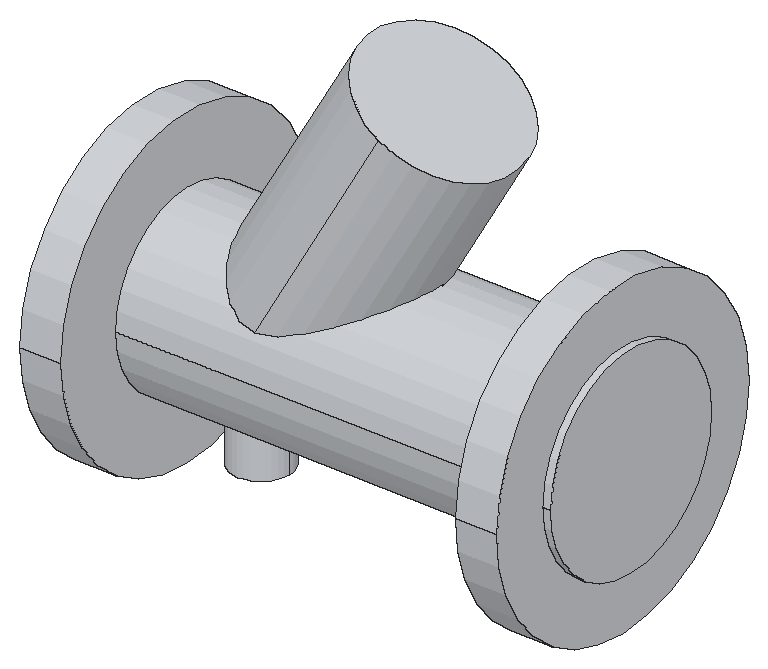
Revit family "HS 821-síto_jemné-PN16-DN065-RFA_2018", category Pipe Accessories, Revit 2018
Family settings
  Round Connector Dimension = Use Diameter
  Part Type = Breaks Into
  Work Plane-Based = No
  Always vertical = Yes
  Cut with Voids When Loaded = No
  Shared = No
Parameters (values of type "821A-DN065-PN16-síto_jemné")
  magiProductId = "235b1b3e4c0843779a4d5e3716d40a"
  magiProductFamilyId = "79214ac3aaa945e397802f559f5c1e"
  magiPartTypeId = 307
  isMeasuringValve [instance] = no
  ang2D [instance] = 0.00°
  ZB__ve = -ZB  # -29.75 mm
  ZB1 = 47.79 mm
  ZB = 29.75 mm
  X2 = 86.927 mm
  X1 = 40.6 mm
  W2D = 15 mm
  VersionID = "2.0/2017.9.26.1/ZETKAMA_821_001"
  Use Minimum Symbol Size [instance] = yes
  URL = "www.hydronix.cz"
  Type Comments = "Filtr přírubový; síto jemné; A-PN16 (-10~300°C); D-PN25 (-10~350°C); F-PN40 (-10~400°C)"
  S = 118 mm
  QmdConnectorList = "301;D;302;D"
  Productdata [instance] = ""
  Manufacturer = "Hydronix"
  MC Product Code = "210 165 (821A; DN065; PN16; kvs95,1; oko síta 0,63mm)"
  LM1 = 23.2 mm
  LM = 232 mm
  L4 = 72.5 mm
  L2D_Min = 3048 mm
  L2D = 130 mm
  L2 = 145 mm
  HH2 = 150.562 mm
  FD = 185 mm
  Description = "Filtr přírubový; síto jemné; 821A-PN16; 821D-PN25; 821F-PN40"
  DM1 = 94.2 mm
  DM = 106.2 mm
  D = 65 mm
  CC = 4.93 mm
  CAT0 = yes
  C1 = 24.07 mm
  C = 29 mm
  BD = 33.453 mm
Types (40, lengths in mm): name | magiProductId | ZB__ve | ZB1 | ZB | X2 | X1 | S | MC Product Code | LM1 | LM | L4 | L2 | HH2 | FD | DM1 | DM | D | CC | C1 | C | BD
  821A-DN015-PN16-síto_jemné | "a71bcfe8b393460598b23e8ddf7dc5" | -16.25 | 18.63 | 16.25 | 46.982 | 18.2 | 46 | "210 115 (821A; DN015; PN16; kvs6,2; oko síta 0,63mm)" | 10.4 | 104 | 32.5 | 65 | 81.375 | 95 | 27.6 | 41.4 | 15 | 2.21 | 10.79 | 13 | 13.041
  821A-DN020-PN16-síto_jemné | "41cd6c7a12924f4991217528336076" | -17.75 | 22.68 | 17.75 | 51.673 | 21 | 56 | "210 120 (821A; DN020; PN16; kvs9,6; oko síta 0,63mm)" | 12 | 120 | 37.5 | 75 | 89.5 | 105 | 33.6 | 50.4 | 20 | 2.55 | 12.45 | 15 | 15.876
  821A-DN025-PN16-síto_jemné | "be378b463ed14c3abf4c9b3ae8cf3a" | -19.25 | 26.325 | 19.25 | 58.601 | 22.4 | 65 | "210 125 (821A; DN025; PN16; kvs14,2; oko síta 0,63mm)" | 12.8 | 128 | 40 | 80 | 101.5 | 115 | 43.2 | 58.5 | 25 | 2.72 | 13.28 | 16 | 18.427
  821A-DN032-PN16-síto_jemné | "227a0d18b21540afabe8b6067d35fa" | -23 | 30.78 | 23 | 68.849 | 25.2 | 76 | "210 132 (821A; DN032; PN16; kvs23,1; oko síta 0,63mm)" | 14.4 | 144 | 45 | 90 | 119.25 | 140 | 50.4 | 68.4 | 32 | 3.06 | 14.94 | 18 | 21.546
  821A-DN040-PN16-síto_jemné | "d106917c74724141a10440112d0102" | -24.5 | 34.02 | 24.5 | 75.777 | 28 | 84 | "210 140 (821A; DN040; PN16; kvs36,6; oko síta 0,63mm)" | 16 | 160 | 50 | 100 | 131.25 | 150 | 60 | 75.6 | 40 | 3.4 | 16.6 | 20 | 23.814
  821A-DN050-PN16-síto_jemné | "8255d456a09e4f6486734f5dd9171b" | -26.75 | 40.095 | 26.75 | 79.061 | 32.2 | 99 | "210 150 (821A; DN050 PN16; kvs53,7; oko síta 0,63mm)" | 18.4 | 184 | 57.5 | 115 | 136.938 | 165 | 73.8 | 89.1 | 50 | 3.91 | 19.09 | 23 | 28.066
  821A-DN065-PN16-síto_jemné | "235b1b3e4c0843779a4d5e3716d40a" | -29.75 | 47.79 | 29.75 | 86.927 | 40.6 | 118 | "210 165 (821A; DN065; PN16; kvs95,1; oko síta 0,63mm)" | 23.2 | 232 | 72.5 | 145 | 150.562 | 185 | 94.2 | 106.2 | 65 | 4.93 | 24.07 | 29 | 33.453
  821A-DN080-PN16-síto_jemné | "a067f7c5236348ed8c820d16df7214" | -32 | 53.46 | 32 | 104.753 | 43.4 | 132 | "210 180 (821A; DN080; PN16; kvs137,1; oko síta 0,63mm)" | 24.8 | 248 | 77.5 | 155 | 181.438 | 200 | 107.4 | 118.8 | 80 | 5.27 | 25.73 | 31 | 37.422
  821A-DN100-PN16-síto_jemné | "c49a648c2747461285837d643703cd" | -35 | 63.18 | 35 | 114.857 | 49 | 156 | "210 190 (821A; DN100; PN16; kvs206,4; oko síta 0,63mm)" | 28 | 280 | 87.5 | 175 | 198.937 | 220 | 131.4 | 140.4 | 100 | 5.95 | 29.05 | 35 | 44.226
  821A-DN125-PN16-síto_jemné | "bf68e728a163493cbd2a663b26ebdc" | -39.5 | 74.52 | 39.5 | 131.888 | 56 | 184 | "210 191 (821A; DN125; PN16; kvs268,8; oko síta 0,63mm)" | 32 | 320 | 100 | 200 | 228.438 | 250 | 165 | 165.6 | 125 | 6.8 | 33.2 | 40 | 52.164
  821A-DN150-PN16-síto_jemné | "2de770284b654863ae6bc865769dc5" | -44.75 | 85.455 | 44.75 | 155.885 | 67.2 | 211 | "210 192 (821A; DN150; PN16; kvs401,4; oko síta 0,63mm)" | 38.4 | 384 | 120 | 240 | 270 | 285 | 192 | 189.9 | 150 | 8.16 | 39.84 | 48 | 59.818
  821A-DN200-PN16-síto_jemné | "8e5693371ab64aabb29a7f08c76e15" | -53 | 107.73 | 53 | 188.361 | 84 | 266 | "210 193 (821A; DN200; PN16; kvs706,7; oko síta 0,63mm)" | 48 | 480 | 150 | 300 | 326.25 | 340 | 252 | 239.4 | 200 | 10.2 | 49.8 | 60 | 75.411
  821A-DN250-PN16-síto_jemné | "05e37ed948c34047acdd4c42556504" | -62.75 | 129.195 | 62.75 | 255.911 | 102.2 | 319 | "210 194 (821A; DN250; PN16; kvs1229,4; oko síta 0,63mm)" | 58.4 | 584 | 182.5 | 365 | 443.25 | 405 | 309.6 | 287.1 | 250 | 12.41 | 60.59 | 73 | 90.436
  821A-DN300-PN16-síto_jemné | "9ad0af747269428da925480d83ce80" | -71 | 149.85 | 71 | 325.914 | 119 | 370 | "210 195 (821A; DN300; PN16; kvs1902,4; oko síta 0,63mm)" | 68 | 680 | 212.5 | 425 | 564.5 | 460 | 369.6 | 333 | 300 | 14.45 | 70.55 | 85 | 104.895
  821A-DN350-PN16-síto_jemné | "eebc71459bb3451bb4355e7951370a" | -80 | 173.745 | 80 | 356.875 | 137.2 | 429 | "200 196 (821A; DN350; PN16; kvs2611,0; oko síta 0,63mm)" | 78.4 | 784 | 245 | 490 | 618.125 | 520 | 438 | 386.1 | 350 | 16.66 | 81.34 | 98 | 121.621
  821A-DN400-PN16-síto_jemné | "d2f677cb196647e385b2590e7d8abe" | -89 | 194.4 | 89 | 392.237 | 154 | 480 | "210 197 (821A; DN400; PN16; kvs3438,4; oko síta 0,63mm)" | 88 | 880 | 275 | 550 | 679.375 | 580 | 498 | 432 | 400 | 18.7 | 91.3 | 110 | 136.08
  821D-DN015-PN25-síto_jemné | "27ddcbf555414f8ca1fde329bf9087" | -16.25 | 18.63 | 16.25 | 46.982 | 18.2 | 46 | "210 215 (821D; DN015; PN25; kvs6,2; oko síta 0,63mm)" | 10.4 | 104 | 32.5 | 65 | 81.375 | 95 | 27.6 | 41.4 | 15 | 2.21 | 10.79 | 13 | 13.041
  821D-DN020-PN25-síto_jemné | "270e0f14012f47189cd0235c18faee" | -17.75 | 22.68 | 17.75 | 51.673 | 21 | 56 | "210 220 (821D; DN020; PN25; kvs9,6; oko síta 0,63mm)" | 12 | 120 | 37.5 | 75 | 89.5 | 105 | 33.6 | 50.4 | 20 | 2.55 | 12.45 | 15 | 15.876
  821D-DN025-PN25-síto_jemné | "b9a7fb4aa36643878c637d8e1ab992" | -19.25 | 26.325 | 19.25 | 58.601 | 22.4 | 65 | "210 225 (821D; DN025; PN25; kvs14,2; oko síta 0,63mm)" | 12.8 | 128 | 40 | 80 | 101.5 | 115 | 43.2 | 58.5 | 25 | 2.72 | 13.28 | 16 | 18.427
  821D-DN032-PN25-síto_jemné | "6be9a55c4e68400f94eec7e804204c" | -23 | 30.78 | 23 | 68.849 | 25.2 | 76 | "210 232 (821D; DN032; PN25; kvs23,1; oko síta 0,63mm)" | 14.4 | 144 | 45 | 90 | 119.25 | 140 | 50.4 | 68.4 | 32 | 3.06 | 14.94 | 18 | 21.546
  821D-DN040-PN25-síto_jemné | "c54511bd7f584ec2984291479612cb" | -24.5 | 34.02 | 24.5 | 75.777 | 28 | 84 | "210 240 (821D; DN040; PN25; kvs36,6; oko síta 0,63mm)" | 16 | 160 | 50 | 100 | 131.25 | 150 | 60 | 75.6 | 40 | 3.4 | 16.6 | 20 | 23.814
  821D-DN050-PN25-síto_jemné | "5483b1f596b04cd39b23a14a22c90e" | -26.75 | 40.095 | 26.75 | 79.061 | 32.2 | 99 | "210 250 (821D; DN050; PN25; kvs53,7; oko síta 0,63mm)" | 18.4 | 184 | 57.5 | 115 | 136.938 | 165 | 73.8 | 89.1 | 50 | 3.91 | 19.09 | 23 | 28.066
  821D-DN065-PN25-síto_jemné | "767b0f8318e94750bc7a9930ed5b30" | -29.75 | 47.79 | 29.75 | 86.927 | 40.6 | 118 | "210 265 (821D; DN065; PN25; kvs95,1; oko síta 0,63mm)" | 23.2 | 232 | 72.5 | 145 | 150.562 | 185 | 94.2 | 106.2 | 65 | 4.93 | 24.07 | 29 | 33.453
  821D-DN080-PN25-síto_jemné | "e21040fa3cc2404b858198f6b73709" | -32 | 53.46 | 32 | 104.753 | 43.4 | 132 | "210 280 (821D; DN080; PN25; kvs137,1; oko síta 0,63mm)" | 24.8 | 248 | 77.5 | 155 | 181.438 | 200 | 107.4 | 118.8 | 80 | 5.27 | 25.73 | 31 | 37.422
  821D-DN100-PN25-síto_jemné | "175ca87a506b40b3bc6b82f12f33cf" | -37.25 | 63.18 | 37.25 | 114.857 | 49 | 156 | "210 290 (821D; DN100; PN25; kvs206,4; oko síta 0,63mm)" | 28 | 280 | 87.5 | 175 | 198.937 | 235 | 131.4 | 140.4 | 100 | 5.95 | 29.05 | 35 | 44.226
  821D-DN125-PN25-síto_jemné | "77cc98d60da24855999a22dff726b2" | -42.5 | 74.52 | 42.5 | 131.888 | 56 | 184 | "210 291 (821D; DN125; PN25; kvs268,8; oko síta 0,63mm)" | 32 | 320 | 100 | 200 | 228.438 | 270 | 165 | 165.6 | 125 | 6.8 | 33.2 | 40 | 52.164
  821D-DN150-PN25-síto_jemné | "9cf8acfcd15547d68e83172d3abcbe" | -47 | 85.455 | 47 | 155.885 | 67.2 | 211 | "210 292 (821D; DN150; PN25; kvs401,4; oko síta 0,63mm)" | 38.4 | 384 | 120 | 240 | 270 | 300 | 192 | 189.9 | 150 | 8.16 | 39.84 | 48 | 59.818
  821D-DN200-PN25-síto_jemné | "16973f3c9ea14389ba8602495a6b64" | -56 | 110.97 | 56 | 188.361 | 84 | 274 | "210 293 (821D; DN200; PN25; kvs706,7; oko síta 0,63mm)" | 48 | 480 | 150 | 300 | 326.25 | 360 | 252 | 246.6 | 200 | 10.2 | 49.8 | 60 | 77.679
  821F-DN015-PN40-síto_jemné | "4c7eaf3c4c0340888b3e684d8a8616" | -16.25 | 18.225 | 16.25 | 46.982 | 18.2 | 45 | "250 615 (821F; DN015; PN40; kvs6,2; oko síta 0,63mm)" | 10.4 | 104 | 32.5 | 65 | 81.375 | 95 | 27.6 | 40.5 | 15 | 2.21 | 10.79 | 13 | 12.757
  821F-DN020-PN40-síto_jemné | "aaac5f1ec96b44d6ba96ac2293d66d" | -17.75 | 23.49 | 17.75 | 51.673 | 21 | 58 | "250 620 (821F; DN020; PN40; kvs9,6; oko síta 0,63mm)" | 12 | 120 | 37.5 | 75 | 89.5 | 105 | 33.6 | 52.2 | 20 | 2.55 | 12.45 | 15 | 16.443
  821F-DN025-PN40-síto_jemné | "504768023968471481789485b54c7e" | -19.25 | 27.54 | 19.25 | 58.601 | 22.4 | 68 | "250 625 (821F; DN025; PN40; kvs14,2; oko síta 0,63mm)" | 12.8 | 128 | 40 | 80 | 101.5 | 115 | 43.2 | 61.2 | 25 | 2.72 | 13.28 | 16 | 19.278
  821F-DN032-PN40-síto_jemné | "165e7f39cf744f329bdf1c400dad12" | -23 | 31.59 | 23 | 68.849 | 25.2 | 78 | "250 632 (821F; DN032; PN40; kvs23,1; oko síta 0,63mm)" | 14.4 | 144 | 45 | 90 | 119.25 | 140 | 50.4 | 70.2 | 32 | 3.06 | 14.94 | 18 | 22.113
  821F-DN040-PN40-síto_jemné | "b8903f952089408fbf3a5a632bab1f" | -24.5 | 35.64 | 24.5 | 75.777 | 28 | 88 | "250 640 (821F; DN040; PN40; kvs36,6; oko síta 0,63mm)" | 16 | 160 | 50 | 100 | 131.25 | 150 | 60 | 79.2 | 40 | 3.4 | 16.6 | 20 | 24.948
  821F-DN050-PN40-síto_jemné | "c451f97266fe48da8f879cb6a2bd44" | -26.75 | 41.31 | 26.75 | 79.061 | 32.2 | 102 | "250 650 (821F; DN050; PN40; kvs53,7; oko síta 0,63mm)" | 18.4 | 184 | 57.5 | 115 | 136.938 | 165 | 73.8 | 91.8 | 50 | 3.91 | 19.09 | 23 | 28.917
  821F-DN065-PN40-síto_jemné | "dc9821e3f9b34e128f6a8c6b34c198" | -29.75 | 49.41 | 29.75 | 86.927 | 40.6 | 122 | "250 665 (821F; DN065; PN40; kvs95,1; oko síta 0,63mm)" | 23.2 | 232 | 72.5 | 145 | 150.562 | 185 | 94.2 | 109.8 | 65 | 4.93 | 24.07 | 29 | 34.587
  821F-DN080-PN40-síto_jemné | "689aa1e260f84cf4994f027a1d86b5" | -32 | 55.89 | 32 | 104.753 | 43.4 | 138 | "250 680 (821F; DN080; PN40; kvs137,1; oko síta 0,63mm)" | 24.8 | 248 | 77.5 | 155 | 181.438 | 200 | 107.4 | 124.2 | 80 | 5.27 | 25.73 | 31 | 39.123
  821F-DN100-PN40-síto_jemné | "8a45d4e8e2ab425f8c432f21d684f3" | -37.25 | 65.61 | 37.25 | 114.857 | 49 | 162 | "250 690 (821F; DN100; PN40; kvs206,4; oko síta 0,63mm)" | 28 | 280 | 87.5 | 175 | 198.937 | 235 | 131.4 | 145.8 | 100 | 5.95 | 29.05 | 35 | 45.927
  821F-DN125-PN40-síto_jemné | "cf073904c006406b8645afa67ea2fc" | -42.5 | 76.14 | 42.5 | 131.888 | 56 | 188 | "250 691 (821F; DN125; PN40; kvs268,8; oko síta 0,63mm)" | 32 | 320 | 100 | 200 | 228.438 | 270 | 165 | 169.2 | 125 | 6.8 | 33.2 | 40 | 53.298
  821F-DN150-PN40-síto_jemné | "0153b9ddabe14992a630484929fdbc" | -47 | 88.29 | 47 | 155.885 | 67.2 | 218 | "250 692 (821F; DN150; PN40; kvs401,4; oko síta 0,63mm)" | 38.4 | 384 | 120 | 240 | 270 | 300 | 192 | 196.2 | 150 | 8.16 | 39.84 | 48 | 61.803
  821F-DN200-PN40-síto_jemné | "7fb3fc01dd8d42428c203e3f8dd4d5" | -56 | 115.425 | 56 | 188.361 | 84 | 285 | "250 693 (821F; DN200; PN40; kvs706,7; oko síta 0,63mm)" | 48 | 480 | 150 | 300 | 326.25 | 360 | 252 | 256.5 | 200 | 10.2 | 49.8 | 60 | 80.797
Reference planes
  plane 1 "Center (Front/Back)": y = 0
  plane 2 "XYPLANE": z = 0
  plane 3 "Center (Left/Right)": x = 0
  plane 4 "109": x = -92.8
  plane 5 "108": x = 116
  plane 6 "107": x = -116
  plane 7 "105": x = 145
  plane 8 "104": x = -145
  plane 9 "103": y = 0
  plane 10 "102": z = 0
  plane 11 "101": x = -140.07
  plane 12 "100": x = 140.07
  plane 13 "11": x = -52.2
  plane 14 "10": z = 150.562
  plane 15 "9": x = 34.727
  plane 16 "5": z = -47.79
  plane 17 "4": x = -72.5
  plane 18 "1": x = 72.5
Forms (mm)
  Extrusion 1, solid, visible <- "CAT0"
    sketch origin (-116, -750, 0) x (0, 1, 0) y (0, 0, 1)
      loop
        circle (750, 0) r 53.1
    from 0 to 232 <- "LM"
  Extrusion 2, solid
    sketch origin (-145, -750, 0) x (0, 1, 0) y (0, 0, 1)
      loop
        circle (750, 0) r 59
    from 0 to 4.93 <- "CC"
  Extrusion 3, solid
    sketch origin (-140.07, -750, 0) x (0, 1, 0) y (0, 0, 1)
      loop
        circle (750, 0) r 92.5
    from 0 to 24.07 <- "C1"
  Extrusion 4, solid
    sketch origin (116, -750, 0) x (0, 1, 0) y (0, 0, 1)
      loop
        circle (750, 0) r 92.5
    from 0 to 24.07 <- "C1"
  Extrusion 5, solid
    sketch origin (140.07, -750, 0) x (0, 1, 0) y (0, 0, 1)
      loop
        circle (750, 0) r 59
    from 0 to 4.93 <- "CC"
  Sweep 6, solid, visible <- "CAT0"
    path origin (750, 0, 0) x (-1, 0, 0) y (0, 0, 1)
      loop
        line (866, 0) -> (802.2, 0) -> (715.273, 150.562)
    profile origin (-116, 0, 0) x (0, 0, -1) y (0, 1, 0)
      loop
        circle (0, 0) r 47.1
  Extrusion 7, solid, visible <- "CAT0"
    sketch origin (-750, 0, -47.79) x (1, 0, 0) y (0, 1, 0)
      loop
        circle (677.5, 0) r 16.726
    from 0 to -29.75 <- "ZB__ve"
  Extrusion 8, solid, visible <- "CAT0"
    sketch origin (-750, 0, -47.79) x (1, 0, 0) y (0, 1, 0)
      loop
        circle (822.5, 0) r 16.726
    from 0 to -29.75 <- "ZB__ve"
  Extrusion 9, solid, not visible
    sketch origin (145, -750, 0) x (0, 1, 0) y (0, 0, 1)
      loop
        circle (750, 0) r 10
    from 0 to -10
  Extrusion 10, solid, not visible
    sketch origin (-145, -750, 0) x (0, 1, 0) y (0, 0, 1)
      loop
        circle (750, 0) r 10
    from 0 to 10
Lines and regions (mm)
  reference lines, not visible
    curve 1: circle (2, 2, 0) r 1 normal (0, 0, 1)
Dimensions and locks
  plane 1 "Center (Front/Back)" to curve 1 = 2 mm
  "LM1": plane 6 "107" to plane 4 "109"
  "LM": plane 6 "107" to plane 5 "108"
  "C": plane 8 "104" to plane 6 "107"
  "L2": plane 3 "Center (Left/Right)" to plane 7 "105"
  "L2": plane 3 "Center (Left/Right)" to plane 8 "104"
  locked: plane 1 "Center (Front/Back)" to plane 9 "103"
  locked: plane 2 "XYPLANE" to plane 10 "102"
  "CC": plane 8 "104" to plane 11 "101"
  "C1": plane 5 "108" to plane 12 "100"
  "X1": plane 4 "109" to plane 13 "11"
  "HH2": plane 2 "XYPLANE" to plane 14 "10"
  "X2": plane 13 "11" to plane 15 "9"
  "ZB1": plane 2 "XYPLANE" to plane 16 "5"
  "L4": plane 8 "104" to plane 17 "4"
  "L2": plane 17 "4" to plane 18 "1"
  Sweep 6 sketch curve to Sweep 6 sketch curve = 0 mm  (x2)
  "DM": diameter of Extrusion 1 sketch curve
  "S": diameter of Extrusion 2 sketch curve
  "FD": diameter of Extrusion 3 sketch curve
  "FD": diameter of Extrusion 4 sketch curve
  "S": diameter of Extrusion 5 sketch curve
  "DM1": diameter of Sweep 6 sketch curve
  "BD": diameter of Extrusion 7 sketch curve
  "BD": diameter of Extrusion 8 sketch curve
  aligned and locked: level to plane 2 "XYPLANE"
  aligned and locked: Extrusion 1 sketch curve to plane 9 "103"
  aligned and locked: plane 10 "102" to Extrusion 1 sketch curve
  aligned and locked: Extrusion 2 sketch curve to plane 9 "103"
  aligned and locked: plane 10 "102" to Extrusion 2 sketch curve
  aligned and locked: Extrusion 3 sketch curve to plane 9 "103"
  aligned and locked: plane 10 "102" to Extrusion 3 sketch curve
  aligned and locked: Extrusion 4 sketch curve to plane 9 "103"
  aligned and locked: plane 10 "102" to Extrusion 4 sketch curve
  aligned and locked: Extrusion 5 sketch curve to plane 9 "103"
  aligned and locked: plane 10 "102" to Extrusion 5 sketch curve
  aligned and locked: Sweep 6 sketch curve to plane 9 "103"
  aligned and locked: plane 10 "102" to Sweep 6 sketch curve  (x3)
  aligned and locked: plane 6 "107" to Sweep 6 sketch curve
  aligned and locked: plane 13 "11" to Sweep 6 sketch curve
  aligned and locked: plane 14 "10" to Sweep 6 sketch curve
  aligned and locked: plane 15 "9" to Sweep 6 sketch curve
  aligned and locked: plane 9 "103" to Extrusion 7 sketch curve
  aligned and locked: plane 17 "4" to Extrusion 7 sketch curve
  aligned and locked: plane 9 "103" to Extrusion 8 sketch curve
  aligned and locked: plane 18 "1" to Extrusion 8 sketch curve
  aligned and locked: Extrusion 9 sketch curve to plane 9 "103"
  aligned and locked: plane 10 "102" to Extrusion 9 sketch curve
  aligned and locked: Extrusion 10 sketch curve to plane 9 "103"
  aligned and locked: plane 10 "102" to Extrusion 10 sketch curve
Automatic sketch dimensions
  plane 1 "Center (Front/Back)" to Extrusion 9 sketch curve = 10 mm
  plane 1 "Center (Front/Back)" to Extrusion 10 sketch curve = 10 mm
  plane 3 "Center (Left/Right)" to curve 1 = 2 mm
  radius of curve 1 = 1 mm
Connectors
  piping at (-145, 0, 0), diameter 65, driven by "D"
    settings: on Extrusion 10, index 1, connector inside diameter 609.6 mm, connector length 0 mm, flow factor 0, pipe flow 0.0 L/s, pressure drop 0.0 Pa, fitting loss kfactor 0, connector angle 0.00°, fixture units 0, engagement length 0 mm, angle of deflection 0.00°, flow configuration 0, flow direction 0, fitting loss method 0, system type 29, joint type 0, gender type 0, connector reference index 2, connector utility 0, adjustable connector no, is connector primary yes, connector description ""
  piping at (145, 0, 0), diameter 65, driven by "D"
    settings: on Extrusion 9, index 2, connector inside diameter 609.6 mm, connector length 0 mm, flow factor 0, pipe flow 0.0 L/s, pressure drop 0.0 Pa, fitting loss kfactor 0, connector angle 0.00°, fixture units 0, engagement length 0 mm, angle of deflection 0.00°, flow configuration 0, flow direction 0, fitting loss method 0, system type 29, joint type 0, gender type 0, connector reference index 1, connector utility 0, adjustable connector no, is connector primary no, connector description ""
